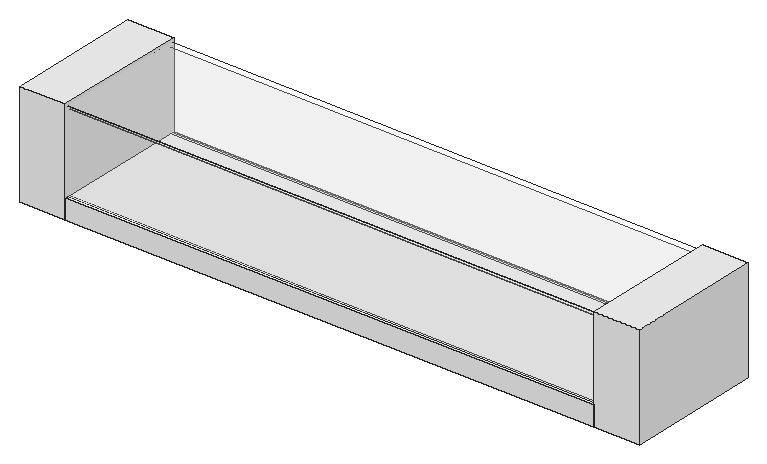
Revit family "CWM-Surface_Mount", category Lighting Fixtures, host Face, Revit 2021
Family settings
  Host = Face
  Round Connector Dimension = Use Diameter
  Part Type = Normal
  OmniClass Number = 23.80.70.11
  OmniClass Title = Luminaries for Internal Lighting
  Cut with Voids When Loaded = No
  Light Source = Yes
  Shared = No
  Room Calculation Point = No
Parameters (values of type "CWM 2'")
  Wattage = 38 W
  built-in parameter 1150110 = 1 (stored number, unit not read)
  Voltage = 120 V
  Wattage Comments = "17-38 W"
  URL = "https://www.currentlighting.com/columbialighting"
  built-in parameter 1114217 = 1 (stored number, unit not read)
  Tilt Angle = -90.00°
  built-in parameter 1150109 = 1 (stored number, unit not read)
  built-in parameter 1150134 = (empty or 0)
  built-in parameter 1150113 = 1 (stored number, unit not read)
  Product Page URL = ""
  Product Documentation Link = ""
  Photometric Web File = "CWM2-30LWxx-FRyy-EDU.ies"
  Photometric Notes = "Photometric web download in link"  # constant formula
  Nominal Watts = 38 W
  Model = "CWM"  # constant formula
  Manufacturer = "Columbia Lighting"  # constant formula
  Row Length = 24.000"
  built-in parameter 1150105 = 4811.1 (stored number, unit not read)
  Lumens = 60458 lm
  built-in parameter 1150115 = 1 (stored number, unit not read)
  Lumen Output = "Medium Lumen"
  Load Classification = Lighting
  built-in parameter 1150137 = (empty or 0)
  built-in parameter 1150139 = (empty or 0)
  built-in parameter 1150112 = 1 (stored number, unit not read)
  built-in parameter 1150114 = 1 (stored number, unit not read)
  Lamp = "LED Lamp"
  built-in parameter 1150132 = (empty or 0)
  built-in parameter 1150102 = (empty or 0)
  built-in parameter 1150107 = 3000 (stored number, unit not read)
  built-in parameter 1150138 = (empty or 0)
  built-in parameter 1150106 = 48.111 (stored number, unit not read)
  Glass = Glass
  Emit from Rectangle Width = 4.500"  # constant formula
  Emit from Rectangle Length = (Row Length - 3.500")  # 20.500"
  Emit Shape Visible in Rendering = no
  built-in parameter 1150104 = 147.81 (stored number, unit not read)
  Driver = "Fixed Output"
  Dimming Lamp Color Temperature Shift = <None>
  Description = "Contemporary LED Wall Mount"  # constant formula
  Default Elevation = 48.000"
  Color Filter = 16777215
  built-in parameter 1114218 = 1 (stored number, unit not read)
  Backbox = Paint-White
  built-in parameter 1150133 = 10 (stored number, unit not read)
  Apparent Load = 0 VA
Types (3): name | Photometric Web File | Row Length | Emit from Rectangle Length
  (no name) | "CWM2-30LWxx-FRyy-EDU.ies" | 24.000" | 20.500"
  CWM 4' | "CWM4-30MLxx-SByy-EDU.ies" | 48.000" | 44.500"
  CWM 2' | "CWM2-30LWxx-FRyy-EDU.ies" | 24.000" | 20.500"
Reference planes (in)
  plane 1 "Center (Front/Back)": y = 0.03999
  plane 2: z = 0
  plane 3 "Center (Left/Right)": x = 1.66944
  plane 4: x = -10.33056
  plane 5: x = 13.66944
Dimensions and locks (in)
  equal spacing: plane 5, plane 3 "Center (Left/Right)", plane 4
  "Row Length": plane 5 to plane 4
  aligned and locked: plane 2 to host face
  aligned and locked: level to host face
  aligned and locked: plane 3 "Center (Left/Right)" to imposter light
  aligned and locked: imposter light to plane 1 "Center (Front/Back)"
  aligned and locked: plane 3 "Center (Left/Right)" to nested 1
  aligned and locked: plane 1 "Center (Front/Back)" to nested 1
  aligned and locked: nested 1 to imposter light
Automatic sketch dimensions
  host sketch curve to host sketch curve = 96.000"  (x2)
Nested families (in)
  nested 1: "CWM Light" at (3.71711, 0, 0), Glass <- "Glass", Backbox <- "Backbox", Row Length <- "Row Length", type "CWM Light"
    with Row Length 24.000", Glass Glass, Backbox Paint-White
Connectors (in)
  electrical at (1.66944, 2.25394, 0), driven by "Voltage", driven by "Apparent Load", driven by "Load Classification"
    settings: on nested 1, index 1, voltage 120 V, apparent load 0 VA, apparent load phase1 0 VA, apparent load phase2 0 VA, apparent load phase3 0 VA, power factor 1, load classification "Lighting", number of poles 1, system type 30, power factor state 1, is connector primary yes, connector utility no, sub classification motor no, connector description "Lighting Connector"
Definition of nested family "CWM Light"
  Parameters
    Wattage Comments = ""
    URL = ""
    Row Length [instance] = 48.000"
    Product Page URL = ""
    Product Documentation Link = ""
    Model = ""
    Manufacturer Phone = "(864)-678-1000"  # constant formula
    Manufacturer Fax = "(866)-898-1065"  # constant formula
    Manufacturer = ""
    Lamp = ""
    Glass [instance] = none
    Description = ""
    Default Elevation = 48.000"
    Backbox [instance] = none
  Reference planes (in)
    plane 1 "Center (Front/Back)": y = 0.03999
    plane 2: z = 0
    plane 3 "Center (Left/Right)": x = -2.04767
    plane 4: x = -26.04767
    plane 5: x = 21.95233
    plane 6: x = -24.29767
    plane 7: x = 20.20233
    plane 8: z = 4
    plane 9: z = 0.75
    plane 10: y = -2.39751
    plane 11: z = 3.75
    plane 12: y = 2.47749
    plane 13: y = 2.66499
    plane 14: y = -2.58501
  Forms (in)
    Extrusion 1, solid
      sketch origin (0, 0, 0.06357) x (1, 0, 0) y (0, 1, 0)
        loop
          line (-48, 48) -> (-48, -48) -> (48, -48) -> (48, 48) -> (-48, 48)
      from -0.06357 to -6.06357
    Extrusion 2, solid, material <- "Backbox"
      sketch origin (-2.04767, 0, 0) x (0, 1, 0) y (0, 0, 1)
        loop
          line (2.66499, 4) -> (-2.58501, 4) -> (-2.58501, 0) -> (2.66499, 0) -> (2.66499, 4)
      from 22.25 to 24
    Extrusion 3, solid, material <- "Backbox"
      sketch origin (-2.04767, 0, 0) x (0, 1, 0) y (0, 0, 1)
        loop
          line (2.66499, 4) -> (-2.58501, 4) -> (-2.58501, 0) -> (2.66499, 0) -> (2.66499, 4)
      from -22.25 to -24
    Extrusion 4, solid, material <- "Glass"
      sketch origin (-2.04767, 0, 0) x (0, 1, 0) y (0, 0, 1)
        loop
          line (2.47749, 0.75) -> (2.56499, 0.75) -> (2.56499, 3.9) -> (-2.48501, 3.9) -> (-2.48501, 0.75) -> (-2.39751, 0.75) -> (-2.39751, 3.75) -> (2.47749, 3.75) -> (2.47749, 0.75)
      from -22.25 to 22.25
    Extrusion 5, solid, material <- "Backbox"
      sketch origin (-2.04767, 0, 0) x (0, 1, 0) y (0, 0, 1)
        loop
          line (2.66499, 0.75) -> (-2.58501, 0.75) -> (-2.58501, 0) -> (2.66499, 0) -> (2.66499, 0.75)
      from -22.25 to 22.25
  Dimensions and locks (in)
    equal spacing: plane 5, plane 3 "Center (Left/Right)", plane 4
    locked: plane 6 to plane 4 at 1.75
    "Row Length": plane 5 to plane 4
    equal spacing: plane 7, plane 3 "Center (Left/Right)", plane 6
    plane 8 to level = 4.000"
    plane 13 to plane 12 to plane 1 "Center (Front/Back)" to plane 10 to plane 14 = 0.1875", 2.4375", 2.4375", 0.1875"
    plane 1 "Center (Front/Back)" to plane 14 = 2.625"
    aligned and locked: plane 2 to Extrusion 1
    aligned and locked: level to Extrusion 1
    aligned and locked: plane 5 to Extrusion 2
    aligned and locked: Extrusion 2 to plane 7
    aligned and locked: plane 9 to Extrusion 4 sketch curve  (x2)
    aligned and locked: plane 12 to Extrusion 4 sketch curve
    aligned and locked: Extrusion 4 sketch curve to plane 11
    aligned and locked: Extrusion 4 sketch curve to plane 10
    aligned and locked: plane 7 to Extrusion 5
    aligned and locked: Extrusion 5 to plane 6
    aligned and locked: Extrusion 3 to plane 4
    aligned and locked: plane 6 to Extrusion 3
    aligned and locked: Extrusion 5 sketch curve to plane 13
    aligned and locked: Extrusion 5 sketch curve to level
    aligned and locked: plane 14 to Extrusion 5 sketch curve
    aligned and locked: Extrusion 3 sketch curve to Extrusion 5  (x3)
    aligned and locked: Extrusion 2 sketch curve to Extrusion 3  (x3)
    aligned and locked: plane 8 to Extrusion 2 sketch curve
    aligned and locked: plane 8 to Extrusion 3 sketch curve
    aligned and locked: plane 9 to Extrusion 5
    aligned and locked: Extrusion 4 to plane 6
    aligned and locked: plane 7 to Extrusion 4
  Automatic sketch dimensions
    Extrusion 1 sketch curve to Extrusion 1 sketch curve = 96.000"  (x2)
    level to Extrusion 5 sketch curve = 0.750"
    Extrusion 4 sketch curve to plane 8 = 0.100"
    plane 13 to Extrusion 4 sketch curve = 0.100"
    Extrusion 4 sketch curve to plane 14 = 0.100"
